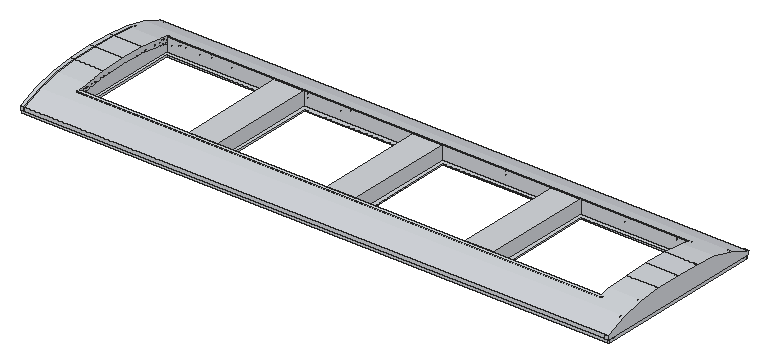
Revit family "Gira_0214806", category Electrical Fixtures, host Face, Revit 2017
Family settings
  Host = Face
  Maintain Annotation Orientation = No
  Round Connector Dimension = Use Diameter
  Part Type = Normal
  Cut with Voids When Loaded = No
  Shared = No
  Room Calculation Point = No
Parameters (values of type "Cov.fr. 4-g interm.fr. CAl Gira Event p.white")
  With mounting grid = "No"
  With hinged lid = "No"
  URL = "http://katalog.gira.de/en/datenblatt.html?artikelnr=0214806"
  Type of fastening = "Clamp mounting"
  Transparent = "No"
  Surface protection = "Other"
  Suitable for wall duct = "No"
  Suitable for flush-mounted installation = "No"
  Suitable for floor box = "No"
  Suitable for built-in installation = "No"
  Number of units vertical = "4"
  Number of units horizontal = "4"
  Number of units = "4"
  Name = "Cov.fr. 4-g interm.fr. CAl Gira Event p.white"
  Mounting direction = "Horizontal and vertical"
  Material quality = "Thermoplastic"
  Material = "Plastic"
  Manufacturer URL = "https://www.gira.de/"
  Manufacturer = "Gira"
  Label space/information surface = "No"
  Keynote = ""
  HeinzeBIM = "https://bimportal.heinze.de/bim/cov-fr-4-g-interm-fr-cal-gira-event-p-white/0f8381effe8847a2227704fe90a55acea4cec0f7"
  Halogen free = "Yes"
  HAN = "0214806"
  GTIN = "4010337070092"
  Description = "Cov.fr.4g i.fr.CAl Event PW,Gira Event frames,pure white glossy with colour aluminium intermediate frame,4-gang,Features:,- Shatter-proof."
  Degree of protection (IP) = "IP20"
  Default Elevation = 1219.2 mm
  Data sheet (1) = "https://katalog.gira.de/en/download.html?artikelnr=0214806"
  Colour = "White"
  Category = "Cover frame for domestic switching devices"
  BIM (1) = "https://media.stage.bim.site/public/gira/36a6b08/Event_Rahmen_4fach.rfa"
  Available = "No"
Reference planes
  plane 1 "Center (Front/Back)": y = 0
  plane 2: z = 0
  plane 3 "Center (Left/Right)": x = 0
Forms (mm)
  Extrusion 1, solid, detail levels fine
    sketch origin (0, 0, 0.05) x (0, 1, 0) y (0, 0, 1)
      loop
        arc (12.445, 9.683) -> (6.223, 9.833) -> (0, 9.85) r 291.636
        arc (0, 9.85) -> (-6.223, 9.833) -> (-12.445, 9.683) r 291.636
        arc (-12.445, 9.683) -> (-29.14, 7.482) -> (-45, 1.823) r 79.728
        line (-45, 1.823) -> (-45, -0.05) -> (-42.086, -0.05)
        arc (-42.086, -0.05) -> (-21.385, 5.559) -> (0, 7.206) r 114.424
        arc (0, 7.206) -> (21.385, 5.559) -> (42.086, -0.05) r 114.424
        line (42.086, -0.05) -> (45, -0.05) -> (45, 1.823)
        arc (45, 1.823) -> (29.14, 7.482) -> (12.445, 9.683) r 79.728
    from -151.95 to 151.935
  Extrusion 2, void, detail levels fine
    sketch origin (0, 0, 0) x (1, 0, 0) y (0, 1, 0)
      loop
        line (134.95, 28.035) -> (-134.95, 28.035) -> (-134.95, -28.035) -> (134.95, -28.035) -> (134.95, 28.035)
    from 0.724 to 11
  Extrusion 3, solid, detail levels coarse
    sketch origin (0, 0, 0) x (1, 0, 0) y (0, 1, 0)
      loop
        line (-151.95, 45) -> (-151.95, -45) -> (151.935, -45) -> (151.935, 45) -> (-151.95, 45)
    from -1.5 to 9.9
  Extrusion 4, solid, detail levels medium
    sketch origin (0, 0, 0.05) x (0, 1, 0) y (0, 0, 1)
      loop
        arc (12.445, 9.683) -> (6.223, 9.833) -> (0, 9.85) r 291.636
        arc (0, 9.85) -> (-6.223, 9.833) -> (-12.445, 9.683) r 291.636
        arc (-12.445, 9.683) -> (-29.14, 7.482) -> (-45, 1.823) r 79.728
        line (-45, 1.823) -> (-45, -0.05) -> (45, -0.05) -> (45, 1.823)
        arc (45, 1.823) -> (29.14, 7.482) -> (12.445, 9.683) r 79.728
    from -151.95 to 151.935
  Extrusion 5, solid, detail levels fine
    sketch origin (-106.95, 0, -1.5) x (0, 1, 0) y (0, 0, -1)
      loop
        line (45, -3.373) -> (45, -1.5) -> (-45, -1.5) -> (-45, -3.373)
        arc (-45, -3.373) -> (-29.14, -9.032) -> (-12.445, -11.233) r 79.728
        arc (-12.445, -11.233) -> (-6.223, -11.383) -> (0, -11.4) r 291.636
        arc (0, -11.4) -> (6.223, -11.383) -> (12.445, -11.233) r 291.636
        arc (12.445, -11.233) -> (29.14, -9.032) -> (45, -3.373) r 79.728
    from 43 to 45
  Extrusion 6, solid, detail levels fine
    sketch origin (0, 0, 0) x (1, 0, 0) y (0, 1, 0)
      loop
        line (-132.85, 25.7) -> (-132.85, -25.7) -> (-81.05, -25.7) -> (-81.05, 25.7) -> (-132.85, 25.7)
      loop
        line (-9.755, -25.7) -> (-9.755, 25.7) -> (-61.555, 25.7) -> (-61.555, -25.7) -> (-9.755, -25.7)
      loop
        line (-135.845, 28.49) -> (-135.845, -28.495)
        spline (-135.845, -28.495) -> (-135.836, -28.625) -> (-135.811, -28.754) -> (-135.769, -28.878) -> (-135.711, -28.995) -> (-135.638, -29.104) -> (-135.552, -29.202) -> (-135.454, -29.288) -> (-135.345, -29.361) -> (-135.228, -29.419) -> (-135.104, -29.461) -> (-134.975, -29.486) -> (-134.845, -29.495)
        line (-134.845, -29.495) -> (134.845, -29.495)
        spline (134.845, -29.495) -> (134.975, -29.486) -> (135.104, -29.461) -> (135.228, -29.419) -> (135.345, -29.361) -> (135.454, -29.288) -> (135.552, -29.202) -> (135.638, -29.104) -> (135.711, -28.995) -> (135.769, -28.878) -> (135.811, -28.754) -> (135.836, -28.625) -> (135.845, -28.495)
        line (135.845, -28.495) -> (135.845, 28.49)
        spline (135.845, 28.49) -> (135.836, 28.62) -> (135.811, 28.748) -> (135.769, 28.872) -> (135.711, 28.99) -> (135.638, 29.098) -> (135.552, 29.197) -> (135.454, 29.283) -> (135.345, 29.356) -> (135.228, 29.413) -> (135.104, 29.456) -> (134.975, 29.481) -> (134.845, 29.49)
        line (134.845, 29.49) -> (-134.845, 29.49)
        spline (-134.845, 29.49) -> (-134.975, 29.481) -> (-135.104, 29.456) -> (-135.228, 29.413) -> (-135.345, 29.356) -> (-135.454, 29.283) -> (-135.552, 29.197) -> (-135.638, 29.098) -> (-135.711, 28.99) -> (-135.769, 28.872) -> (-135.811, 28.748) -> (-135.836, 28.62) -> (-135.845, 28.49)
      loop
        line (61.545, -25.7) -> (61.545, 25.7) -> (9.745, 25.7) -> (9.745, -25.7) -> (61.545, -25.7)
      loop
        line (132.85, -25.7) -> (132.85, 25.7) -> (81.05, 25.7) -> (81.05, -25.7) -> (132.85, -25.7)
    from 0.1 to 7.3
  Extrusion 7, solid
    sketch origin (0, 0, 0) x (1, 0, 0) y (0, 1, 0)
      loop
        arc (-151.65, -44.218) -> (-151.504, -44.572) -> (-151.15, -44.718) r 0.5
        line (-151.15, -44.718) -> (151.15, -44.718)
        arc (151.15, -44.718) -> (151.504, -44.572) -> (151.65, -44.218) r 0.5
        line (151.65, -44.218) -> (151.65, 44.182)
        arc (151.65, 44.182) -> (151.504, 44.535) -> (151.15, 44.682) r 0.5
        line (151.15, 44.682) -> (-151.15, 44.682)
        arc (-151.15, 44.682) -> (-151.504, 44.535) -> (-151.65, 44.182) r 0.5
        line (-151.65, 44.182) -> (-151.65, -44.218)
      loop
        line (-149.95, 42.982) -> (-149.95, -43.018) -> (149.95, -43.018) -> (149.95, 42.982) -> (-149.95, 42.982)
    from -1.5 to 0.5
  Extrusion 8, solid, detail levels fine
    sketch origin (106.935, 0, -1.5) x (0, 1, 0) y (0, 0, 1)
      loop
        arc (45, 3.373) -> (29.14, 9.032) -> (12.445, 11.233) r 79.728
        arc (12.445, 11.233) -> (6.223, 11.383) -> (0, 11.4) r 291.636
        arc (0, 11.4) -> (-6.223, 11.383) -> (-12.445, 11.233) r 291.636
        arc (-12.445, 11.233) -> (-29.14, 9.032) -> (-45, 3.373) r 79.728
        line (-45, 3.373) -> (-45, 1.5) -> (45, 1.5) -> (45, 3.373)
    from 43 to 45
  Extrusion 9, solid, detail levels medium
    sketch origin (0, 0, 0) x (1, 0, 0) y (0, 1, 0)
      loop
        line (-151.65, -44.718) -> (151.65, -44.718) -> (151.65, 44.682) -> (-151.65, 44.682) -> (-151.65, -44.718)
    from -1.5 to 0.5
  Extrusion 10, solid, detail levels fine
    sketch origin (-69.857, 0, 0) x (1, 0, 0) y (0, 1, 0)
      loop
        line (-8.943, 28.063) -> (-8.943, -27.937) -> (6.057, -27.937) -> (6.057, 28.063) -> (-8.943, 28.063)
    from 0.724 to 7.566
  Extrusion 11, solid, detail levels fine
    sketch origin (-1.443, 0, 0) x (-1, 0, 0) y (0, -1, 0)
      loop
        line (-8.943, -28.063) -> (6.057, -28.063) -> (6.057, 27.937) -> (-8.943, 27.937) -> (-8.943, -28.063)
    from 0.724 to 7.566
  Extrusion 12, solid, detail levels fine
    sketch origin (69.857, 0, 0) x (-1, 0, 0) y (0, -1, 0)
      loop
        line (-8.943, -28.063) -> (6.057, -28.063) -> (6.057, 27.937) -> (-8.943, 27.937) -> (-8.943, -28.063)
    from 0.724 to 7.566
Cuts and joins
  Extrusion 2 cuts Extrusion 1
  Extrusion 2 cuts Extrusion 6
Dimensions and locks
  aligned and locked: plane 2 to host face
  aligned and locked: level to host face
